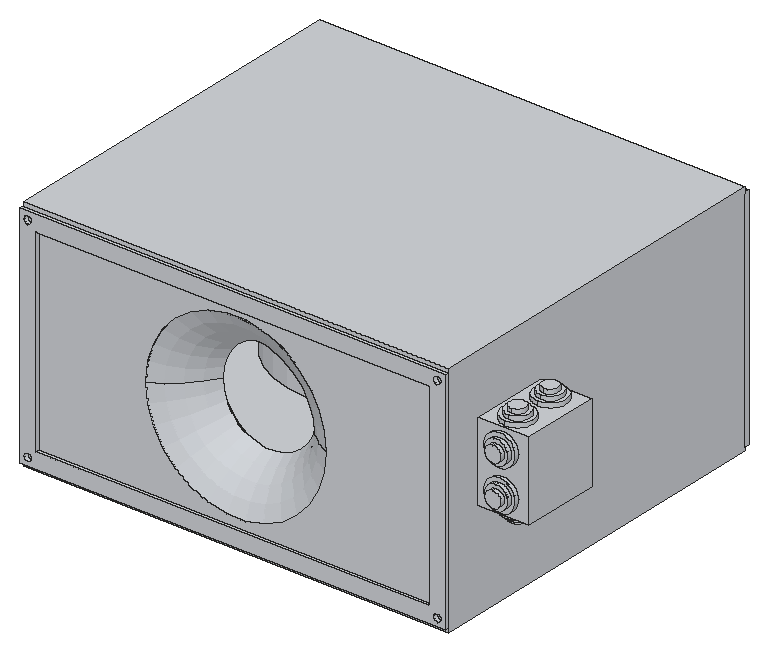
Revit family "ВентКлиматСтрой Вентилятор канальный ВРПП", category Оборудование, Revit 2019
Family settings
  Размер круглого соединителя = Использовать диаметр
  Тип детали = Вставляется
  Номер OmniClass = 23.75.35.17.11
  Заголовок OmniClass = Fans for Air Ductwork
  На основе рабочей плоскости = Нет
  Всегда вертикально = Нет
  При загрузке вырезать с полостями = Нет
  Общий = Нет
  Точка расчета площади = Нет
Parameters (values of type "ВРПП-50x25*")
  Рабочая кривая [instance] = "А"
  RinAng = 45.00°
  Rin1 = Rin - 2 mm  # 98 mm
  Rin = 100 mm  # constant formula
  H = if(size_lookup(Data, "H", 300 mm, A, B) > B2, size_lookup(Data, "H", 300 mm, A, B), B2)  # 300 mm
  D1 = D - if(B < 250 mm, 0 mm, 20 mm)  # 230 mm
  D = B  # 250 mm
  B2 = size_lookup(Data, "B2", 190 mm, A, B)  # 290 mm
  ADSK_Размер_Ширина [instance] = A  # 500 mm
  ADSK_Размер_Длина [instance] = L  # 480 mm
  ADSK_Размер_Глубина [instance] = A  # 500 mm
  ADSK_Размер_Высота [instance] = B  # 250 mm
  A2 = size_lookup(Data, "A2", 340 mm, A, B)  # 540 mm
  A1 = size_lookup(Data, "A1", 320 mm, A, B)  # 520 mm
  УГО_3D [instance] = yes
  УГО_1D_Горизонтально [instance] = yes
  Клеммная коробка = yes
  f = 20 mm  # constant formula
  T = 5 mm  # constant formula
  Description = ""
  Type Comments = ""
  Изготовитель = "ООО \"ЗВО ВентКлиматСтрой\" тел.: +7(495)552-95-33 e-mail: vclimat@bk.ru"  # constant formula
  URL = ""
  Lb = L - 10 mm  # 470 mm
  L1 = (0.25 * L ^ 2 - (B1 - B + 2 * f) ^ 2) ^ 0.5  # 232.379 mm
  L = size_lookup(Data, "L", 480 mm, A, B)  # 480 mm
  B1 = size_lookup(Data, "B1", 170 mm, A, B)  # 270 mm
  B = 250 mm
  Data = "ВРПП"  # constant formula
  Bb [instance] = A + 2 * BT  # 510 mm
  BT = 5 mm  # constant formula
  A = 500 mm
  ADSK_Частота вращения двигателя [instance] = size_lookup(Data, "nf", size_lookup(Data, "nf", 2900, A, B, "А"), A, B, Рабочая кривая)  # 1450
  ADSK_Частота вращения вентилятора [instance] = size_lookup(Data, "nf", size_lookup(Data, "nf", 2900, A, B, "А"), A, B, Рабочая кривая)  # 1450
  ADSK_Ток [instance] = size_lookup(Data, "I", size_lookup(Data, "I", 0, A, B, "А"), A, B, Рабочая кривая) * 1 A  # 0.214495 A
  ADSK_Свободный напор воздуха [instance] = 0.0 Pa
  ADSK_Расход воздуха [instance] = 0 m³/h
  ADSK_Примечание [instance] = ""
  ADSK_Полная мощность [instance] = ADSK_Номинальная мощность / ADSK_Коэффициент мощности  # 184.615 VA
  ADSK_Позиция [instance] = ""
  ADSK_Номинальная мощность [instance] = size_lookup(Data, "Pel", size_lookup(Data, "Pel", 0, A, B, "А"), A, B, Рабочая кривая) * 1000 W  # 120 W
  ADSK_Напряжение [instance] = size_lookup(Data, "U", 220, A, B, Рабочая кривая) * 1 V  # 380 V
  ADSK_Наименование краткое [instance] = size_lookup(Data, "", size_lookup(Data, "", "ВентКлиматСтрой ВРПП: Некорректный типоразмер", A, B, "А"), A, B, Рабочая кривая)  # "ВРПП-50х25А"
  ADSK_Наименование [instance] = size_lookup(Data, "Name", size_lookup(Data, "Name", "ВентКлиматСтрой ВРПП: Некорректный типоразмер", A, B, "А"), A, B, Рабочая кривая)  # "Вентилятор радиальный прямоугольный прямоточный канальный 500x250, с электродвигателем мощностью 0.12 кВт"
  ADSK_Материал тип подсчета = 0  # constant formula
  ADSK_Масса [instance] = size_lookup(Data, "Weight", size_lookup(Data, "Weight", 0, A, B, "А"), A, B, Рабочая кривая)  # 19
  ADSK_Марка [instance] = size_lookup(Data, "", size_lookup(Data, "", "ВентКлиматСтрой ВРПП: Некорректный типоразмер", A, B, "А"), A, B, Рабочая кривая)  # "ВРПП-50х25А"
  ADSK_Коэффициент мощности [instance] = if(or(ADSK_Номинальная мощность < 1000 W, ADSK_Номинальная мощность = 1000 W), 0.65, if(and(ADSK_Номинальная мощность > 1000 W, ADSK_Номинальная мощность < 4000 W), 0.75, if(or(ADSK_Номинальная мощность > 4000 W, ADSK_Номинальная мощность = 4000 W), 0.85, 0)))  # 0.65
  ADSK_Количество фаз числовое [instance] = if(or(ADSK_Напряжение = 220 V, ADSK_Напряжение = 230 V), 1, 3)  # 3
  ADSK_Количество фаз = 3
  ADSK_Количество [instance] = 1  # constant formula
  ADSK_Код изделия [instance] = ""
  ADSK_Классификация нагрузок = Прочее
  ADSK_Завод-изготовитель = "ООО \"ЗВО ВентКлиматСтрой\""  # constant formula
  ADSK_Единица измерения = "шт."  # constant formula
  ADSK_Группирование [instance] = ""
  ADSK_Версия семейства = "rev.1"  # constant formula
  ADSK_Версия Revit = "2019"  # constant formula
Reference planes
  plane 1 "По центру (Вперед/Назад)": y = 0
  plane 2: z = 0
  plane 3 "По центру (Влево/Вправо)": x = 0
  plane 4: z = -125
  plane 5: z = 125
  plane 6: x = -250
  plane 7: x = 250
  plane 8 "Вперед": y = 240
  plane 9 "Назад": y = -240
  plane 10 "Вниз": z = -145
  plane 11 "Вверх": z = 145
  plane 12 "H1": z = 0
  plane 13 "По правому краю": x = 270
  plane 14 "По левому краю": x = -270
  plane 15: z = 62.5
  plane 16: z = -62.5
Forms (mm)
  Extrusion 1, solid, detail levels fine
    sketch origin (250, 266, -25) x (-1, 0, 0) y (0, -1, 0)
      loop
        circle (250, 266) r 125
    from 0 to 150
  Sweep 2, solid, detail levels medium+fine
    path origin (0, 0, 0) x (1, 0, 0) y (0, 1, 0)
      loop
        line (0, -235) -> (0, 235)
    profile "ВРПП_Профиль корпуса : ВРПП_Профиль корпуса" origin (0, 0, 0) x (-1, 0, 0) y (0, 0, 1)
      loop
        line (270, 150) -> (-270, 150) -> (-270, -150) -> (270, -150) -> (270, 150)
      loop
        line (-250, 130) -> (-250, -130) -> (250, -130) -> (250, 130) -> (-250, 130)
  Extrusion 3, solid, detail levels medium+fine
    sketch origin (0, -240, 0) x (0, 0, 1) y (1, 0, 0)
      loop
        line (145, -270) -> (145, 270) -> (-145, 270) -> (-145, -270) -> (145, -270)
      loop
        line (125, -250) -> (125, 250) -> (-125, 250) -> (-125, -250) -> (125, -250)
      loop
        circle (135, 260) r 5
      loop
        circle (135, -260) r 5
      loop
        circle (-135, 260) r 5
      loop
        circle (-135, -260) r 5
    from 0 to 5
  Extrusion 4, solid, detail levels medium+fine
    sketch origin (0, 240, 0) x (0, 0, 1) y (1, 0, 0)
      loop
        line (145, -270) -> (145, 270) -> (-145, 270) -> (-145, -270) -> (145, -270)
      loop
        line (125, -250) -> (125, 250) -> (-125, 250) -> (-125, -250) -> (125, -250)
      loop
        circle (135, 260) r 5
      loop
        circle (135, -260) r 5
      loop
        circle (-135, 260) r 5
      loop
        circle (-135, -260) r 5
    from -5 to 0
  Extrusion 5, solid, detail levels medium+fine
    sketch origin (0, -235, 0) x (1, 0, 0) y (0, 0, 1)
      loop
        line (270, 150) -> (-270, 150) -> (-270, -150) -> (270, -150) -> (270, 150)
      loop
        circle (0, 0) r 115
    from 0 to -5
  Sweep 6, solid, detail levels medium+fine
    path origin (0, -235, 0) x (1, 0, 0) y (0, 0, 1)
      loop
        circle (0, 0) r 115
    profile origin (0, -235, 115) x (0, 0, -1) y (0, -1, 0)
      loop
        line (0, 0) -> (0, -2.167)
        arc (0, -2.167) -> (31.662, -23.606) -> (52.709, -55.53) r 98
        line (52.709, -55.53) -> (54.241, -53.998)
        arc (54.241, -53.998) -> (32.491, -21.604) -> (0, 0) r 100
Cuts and joins
  joined: Sweep 2, Extrusion 5, Sweep 6
Dimensions and locks
  "L": plane 9 "Назад" to plane 8 "Вперед"
  equal spacing: plane 8 "Вперед", plane 1 "По центру (Вперед/Назад)", plane 9 "Назад"
  equal spacing: plane 5, level, plane 4
  "B": plane 5 to plane 4
  "T": plane 8 "Вперед" to Sweep 2 sketch curve
  "T": Sweep 2 sketch curve to plane 9 "Назад"
  equal spacing: Extrusion 3 sketch curve, plane 3 "По центру (Влево/Вправо)", Extrusion 3 sketch curve  (x2)
  equal spacing: Extrusion 3 sketch curve, level, Extrusion 3 sketch curve  (x2)
  "B": Extrusion 3 sketch curve to Extrusion 3 sketch curve
  "A": Extrusion 3 sketch curve to Extrusion 3 sketch curve
  "f": Extrusion 3 sketch curve to Extrusion 3 sketch curve  (x2)
  equal spacing: Extrusion 3 sketch curve, Extrusion 3 sketch curve, Extrusion 3 sketch curve  (x8)
  Extrusion 4 sketch curve to Extrusion 4 sketch curve = 500 mm
  Extrusion 4 sketch curve to Extrusion 4 sketch curve = 250 mm
  "B": Extrusion 4 sketch curve to Extrusion 4 sketch curve
  "A": Extrusion 4 sketch curve to Extrusion 4 sketch curve
  Extrusion 4 sketch curve to Extrusion 4 sketch curve = 540 mm
  Extrusion 4 sketch curve to Extrusion 4 sketch curve = 290 mm
  "f": Extrusion 4 sketch curve to Extrusion 4 sketch curve  (x2)
  equal spacing: Extrusion 4 sketch curve, Extrusion 4 sketch curve, Extrusion 4 sketch curve  (x8)
  plane 8 "Вперед" to plane 1 "По центру (Вперед/Назад)" = 240 mm
  plane 9 "Назад" to plane 1 "По центру (Вперед/Назад)" = 240 mm
  equal spacing: plane 11 "Вверх", level, plane 10 "Вниз"
  "B2": plane 11 "Вверх" to plane 10 "Вниз"
  equal spacing: plane 7, plane 3 "По центру (Влево/Вправо)", plane 6
  "A": plane 7 to plane 6
  equal spacing: plane 14 "По левому краю", plane 3 "По центру (Влево/Вправо)", plane 13 "По правому краю"
  "A2": plane 14 "По левому краю" to plane 13 "По правому краю"
  locked: plane 9 "Назад" to nested 2 at 100
  locked: plane 5 to nested 2 at 100
  equal spacing: plane 5, plane 15, level
  equal spacing: level, plane 16, plane 4
  profile plane to Sweep 6 sketch curve = 92.474 mm
  "B": diameter of Extrusion 1 sketch curve
  "D1": diameter of Extrusion 5 sketch curve
  "Rin": radius of Sweep 6 sketch curve
  "Rin1": radius of Sweep 6 sketch curve
  "D1": diameter of Sweep 6 sketch curve
  "RinAng": angle Sweep 6 sketch curve to Sweep 6 sketch curve  (x2)
  aligned and locked: level to plane 2
  aligned and locked: plane 3 "По центру (Влево/Вправо)" to nested 1
  aligned and locked: nested 1 to plane 1 "По центру (Вперед/Назад)"
  aligned and locked: plane 3 "По центру (Влево/Вправо)" to Sweep 2 sketch curve
  aligned and locked: plane 3 "По центру (Влево/Вправо)" to Extrusion 1 sketch curve
  aligned and locked: plane 1 "По центру (Вперед/Назад)" to Extrusion 1 sketch curve
  aligned and locked: plane 5 to Extrusion 1
  aligned and locked: Extrusion 5 sketch curve to Sweep 2  (x4)
  aligned and locked: plane 3 "По центру (Влево/Вправо)" to Extrusion 5 sketch curve
  aligned and locked: level to Extrusion 5 sketch curve
  aligned and locked: plane 3 "По центру (Влево/Вправо)" to Sweep 6 sketch curve
  aligned and locked: level to Sweep 6 sketch curve
  aligned and locked: Sweep 6 sketch curve to profile plane
Automatic sketch dimensions
  Extrusion 4 sketch curve to plane 10 "Вниз" = 0 mm
  Extrusion 4 sketch curve to plane 11 "Вверх" = 0 mm
  plane 14 "По левому краю" to Extrusion 4 sketch curve = 0 mm
  Extrusion 4 sketch curve to plane 6 = 0 mm
  Sweep 6 sketch curve to Sweep 6 sketch curve = 0 mm  (x2)
  Sweep 6 sketch curve to profile plane = 0 mm
  radius of Extrusion 3 sketch curve = 5 mm  (x4)
  radius of Extrusion 4 sketch curve = 5 mm  (x4)
Nested families
  nested 1: "УГО_Вентилятор 3D" at (0, 0, 0) x (0, 1, 0) z (0, 0, 1), Длина <- "Lb", Ширина <- "A2", Высота <- "H", УГО_3D <- "УГО_3D", УГО_1D_Горизонтально <- "УГО_1D_Горизонтально", type "УГО_Вентилятор 3D"
    with Ширина 540 mm, УГО_3D yes, УГО_1D_Горизонтально yes, УГО_1D_Вертикально no, Тип none, Длина 470 mm, Высота 300 mm
  nested 2: "Клеммная коробка" at (270, -140, 25) x (0, 0, -1) z (1, 0, 0), visible <- "Клеммная коробка", type "Клеммная коробка", detail levels fine
Connectors
  hvac at (0, -240, 0), driven by "ADSK_Расход воздуха", driven by "B", driven by "A"
    settings: on Extrusion 3, index 1, duct flow 0 m³/h, flow factor 0, pres drop 0.0 Pa, loss coef 0, conn angle 0.00°, conn width 500 mm, conn height 250 mm, conn diameter 609.6 mm, duct sys type 29, conn prof type 1, flow config 0, flow direction 0, loss method 0, conn ref index 2, conn util no, is conn primary yes, conn desc "Входной патрубок"
  hvac at (0, 240, 0), driven by "B", driven by "A", driven by "ADSK_Расход воздуха"
    settings: on Extrusion 4, index 2, duct flow 0 m³/h, flow factor 0, pres drop 0.0 Pa, loss coef 0, conn angle 0.00°, conn width 500 mm, conn height 250 mm, conn diameter 609.6 mm, duct sys type 29, conn prof type 1, flow config 0, flow direction 0, loss method 4, conn ref index 1, conn util no, is conn primary no, conn desc "Выходной патрубок"
  electrical at (335, -140, 25), driven by "ADSK_Количество фаз", driven by "ADSK_Классификация нагрузок", driven by "ADSK_Напряжение", driven by "ADSK_Коэффициент мощности", driven by "ADSK_Полная мощность"
    settings: on nested 2, index 3, voltage 380 V, apparent load 0 VA, apparent load phase1 184.615 VA, apparent load phase2 0 VA, apparent load phase3 0 VA, power factor 0.65, load classification "Прочее", number of poles 3, system type 31, power factor state 0, is connector primary yes, connector utility no, sub classification motor no, connector description "Подключение электричества"
Definition of nested family "Клеммная коробка"
  Parameters (values of type "Клеммная коробка")
    Default Elevation = 1219.2 mm
  Reference planes
    plane 1 "По центру (Вперед/Назад)": y = 0
    plane 2: z = 0
    plane 3 "По центру (Влево/Вправо)": x = 0
  Forms (mm)
    Extrusion 1, solid
      sketch origin (-0.8, -309.2, 0) x (1, 0, 0) y (0, 1, 0)
        loop
          line (-489.2, 689.2) -> (-489.2, -180.628) -> (498.724, -180.628) -> (498.724, 689.2) -> (-489.2, 689.2)
      from 0 to -200
    Extrusion 2, solid
      sketch origin (0, 0, 0) x (1, 0, 0) y (0, 1, 0)
        loop
          line (-50, 50) -> (-50, -50) -> (50, -50) -> (50, 50) -> (-50, 50)
      from 0 to 65
    Extrusion 3, solid
      sketch origin (65, -50, 0) x (-1, 0, 0) y (0, 0, -1)
        loop
          circle (90.794, -32.084) r 20
        loop
          circle (39.206, -32.084) r 20
      from 0 to 5
    Extrusion 4, solid
      sketch origin (65, -55, 0) x (-1, 0, 0) y (0, 0, -1)
        loop
          circle (90.794, -32.084) r 15
        loop
          circle (39.206, -32.084) r 15
      from 0 to 5
    Extrusion 5, solid
      sketch origin (65, -60, 0) x (-1, 0, 0) y (0, 0, -1)
        loop
          circle (90.794, -32.084) r 10
        loop
          circle (39.206, -32.084) r 10
      from 0 to 5
    Extrusion 6, solid
      sketch origin (65, 50, 0) x (-1, 0, 0) y (0, 0, 1)
        loop
          circle (90.794, 32.084) r 20
        loop
          circle (39.206, 32.084) r 20
      from 0 to 5
    Extrusion 7, solid
      sketch origin (65, 55, 0) x (-1, 0, 0) y (0, 0, 1)
        loop
          circle (90.794, 32.084) r 15
        loop
          circle (39.206, 32.084) r 15
      from 0 to 5
    Extrusion 8, solid
      sketch origin (65, 60, 0) x (-1, 0, 0) y (0, 0, 1)
        loop
          circle (90.794, 32.084) r 10
        loop
          circle (39.206, 32.084) r 10
      from 0 to 5
    Extrusion 9, solid
      sketch origin (50, 65, 0) x (0, -1, 0) y (0, 0, -1)
        loop
          circle (90.794, -32.084) r 20
        loop
          circle (39.206, -32.084) r 20
      from 0 to 5
    Extrusion 10, solid
      sketch origin (55, 65, 0) x (0, -1, 0) y (0, 0, -1)
        loop
          circle (90.794, -32.084) r 15
        loop
          circle (39.206, -32.084) r 15
      from 0 to 5
    Extrusion 11, solid
      sketch origin (60, 65, 0) x (0, -1, 0) y (0, 0, -1)
        loop
          circle (90.794, -32.084) r 10
        loop
          circle (39.206, -32.084) r 10
      from 0 to 5
    Extrusion 12, solid
      sketch origin (-50, 65, 0) x (0, -1, 0) y (0, 0, 1)
        loop
          circle (90.794, 32.084) r 20
        loop
          circle (39.206, 32.084) r 20
      from 0 to 5
    Extrusion 13, solid
      sketch origin (-55, 65, 0) x (0, -1, 0) y (0, 0, 1)
        loop
          circle (90.794, 32.084) r 15
        loop
          circle (39.206, 32.084) r 15
      from 0 to 5
    Extrusion 14, solid
      sketch origin (-60, 65, 0) x (0, -1, 0) y (0, 0, 1)
        loop
          circle (90.794, 32.084) r 10
        loop
          circle (39.206, 32.084) r 10
      from 0 to 5
  Lines and regions (mm)
    reference lines
      curve 1: line (0, -100, 0) -> (0, 100, 0)
      curve 2: line (-100, 0, 0) -> (100, 0, 0)
  Dimensions and locks
    aligned and locked: plane 2 to Extrusion 1
    aligned and locked: level to Extrusion 1
    aligned and locked: plane 3 "По центру (Влево/Вправо)" to curve 1
    aligned and locked: plane 1 "По центру (Вперед/Назад)" to curve 2
Definition of nested family "УГО_Вентилятор 3D"
  Parameters (values of type "УГО_Вентилятор 3D")
    Увлажнитель форсуночный = УГО_Вент_Универсальный_Элемент : Увлажнитель форсуночный
    Увлажнитель роторный = УГО_Вент_Универсальный_Элемент : Увлажнитель роторный
    Увлажнитель дисковый = УГО_Вент_Универсальный_Элемент : Увлажнитель дисковый
    Шумоглушитель = УГО_Вент_Универсальный_Элемент : Шумоглушитель
    Ширина [instance] = 400 mm
    Фильтр тонкой очистки F5..F9 = УГО_Вент_Универсальный_Элемент : Фильтр тонкой очистки F5..F9
    Фильтр грубой очистки G1..G4 = УГО_Вент_Универсальный_Элемент : Фильтр грубой очистки G1..G4
    Фильтр высокой эффективности (HEPA) H10..H14 = УГО_Вент_Универсальный_Элемент : Фильтр высокой эффективности (HEPA) H10..H14
    УГО_3D [instance] = yes
    УГО_1D_Горизонтально [instance] = yes
    УГО_1D_Вертикально [instance] = not(УГО_1D_Горизонтально)  # no
    Тип [instance] = УГО_Вент_Универсальный_Элемент : Теплоутилизатор пластинчатый перекрёстноточный
    Теплоутилизатор пластинчатый перекрёстноточный = УГО_Вент_Универсальный_Элемент : Теплоутилизатор пластинчатый перекрёстноточный
    Теплоутилизатор вращающийся = УГО_Вент_Универсальный_Элемент : Теплоутилизатор вращающийся
    Пустая секция = УГО_Вент_Универсальный_Элемент : Пустая секция
    Default Elevation = 0 mm
    Клапан огнезадерживающий = УГО_Вент_Универсальный_Элемент : Клапан огнезадерживающий
    Клапан обратный = УГО_Вент_Универсальный_Элемент : Клапан обратный
    Клапан дымоудаления = УГО_Вент_Универсальный_Элемент : Клапан дымоудаления
    Клапан воздушный многостворчатый = УГО_Вент_Универсальный_Элемент : Клапан воздушный многостворчатый
    Каплеуловитель = УГО_Вент_Универсальный_Элемент : Каплеуловитель
    Дроссель-клапан = УГО_Вент_Универсальный_Элемент : Дроссель-клапан
    Длина [instance] = 500 mm
    Высота [instance] = 200 mm
    Вставка гибкая = УГО_Вент_Универсальный_Элемент : Вставка гибкая
    Воздухоохладитель фреоновый = УГО_Вент_Универсальный_Элемент : Воздухоохладитель фреоновый
    Воздухоохладитель жидкостный = УГО_Вент_Универсальный_Элемент : Воздухоохладитель жидкостный
    Воздухоохладитель = УГО_Вент_Универсальный_Элемент : Воздухоохладитель
    Воздухонагреватель электрический = УГО_Вент_Универсальный_Элемент : Воздухонагреватель электрический
    Воздухонагреватель жидкостный = УГО_Вент_Универсальный_Элемент : Воздухонагреватель жидкостный
    Воздухонагреватель газовый = УГО_Вент_Универсальный_Элемент : Воздухонагреватель газовый
    Воздухонагреватель = УГО_Вент_Универсальный_Элемент : Воздухонагреватель
    Вентилятор осевой = УГО_Вент_Универсальный_Элемент : Вентилятор осевой
    Вентилятор (вид 2)_ = УГО_Вент_Универсальный_Элемент : Вентилятор (вид 2)
    Вентилятор (вид 1) = УГО_Вент_Универсальный_Элемент : Вентилятор (вид 1)
  Reference planes
    plane 1 "По центру (Вперед/Назад)": y = 0
    plane 2: z = 0
    plane 3 "По центру (Влево/Вправо)": x = 0
    plane 4 "перед": x = 250
    plane 5 "назад": x = -250
    plane 6 "лева": y = 200
    plane 7 "право": y = -200
    plane 8 "верх": z = 100
    plane 9 "низ": z = -100
  Dimensions and locks
    equal spacing: plane 5 "назад", plane 3 "По центру (Влево/Вправо)", plane 4 "перед"
    "Длина": plane 5 "назад" to plane 4 "перед"
    equal spacing: plane 7 "право", plane 1 "По центру (Вперед/Назад)", plane 6 "лева"
    "Ширина": plane 7 "право" to plane 6 "лева"
    "Высота": plane 8 "верх" to plane 9 "низ"
    equal spacing: plane 8 "верх", level, plane 9 "низ"
    aligned and locked: level to plane 2
    aligned and locked: nested 1 to plane 1 "По центру (Вперед/Назад)"
    aligned and locked: plane 3 "По центру (Влево/Вправо)" to nested 1
    aligned and locked: nested 6 to level
  Nested families
    nested 1: "УГО_Вент_Универсальный_Элемент" at (0, 0, 100), Ширина <- "Ширина", Длина <- "Длина", type <- "Тип", visible <- "УГО_3D", type "Теплоутилизатор пластинчатый перекрёстноточный", detail levels medium+fine
      with Ширина 400 mm, Длина 500 mm, Диаметр трубок 25 mm, s3 431.333 mm, s2 94 mm, s1 66.667 mm, r1 100 mm, l2 160 mm, l1 160 mm, d 40 mm, Wf1 28.571 mm, Wf 57.143 mm, W 400 mm, St2 20 mm, St1 100 mm, Sel2 84 mm, Sel1 20 mm, SW 100 mm, SL 100 mm, Re 66.667 mm, O4 50 mm, O3 100 mm, O2 70 mm, O1 70 mm, Ls3 84 mm, Ls2 112 mm, Ls1 140 mm, Ls 173.205 mm, Lf1 28.571 mm, Lf 300 mm, Ld1 100 mm, Ld 395.98 mm, L 500 mm, K 0.4, Ds1 120 mm, Ds 160 mm, De 133.333 mm, D2 40 mm, D1 400 mm, D 200 mm, 0.25W 100 mm, 0.125W 50 mm
    nested 2: "УГО_Вент_Универсальный_Элемент" at (0, 0, -100), Ширина <- "Ширина", Длина <- "Длина", type <- "Тип", visible <- "УГО_3D", type "Теплоутилизатор пластинчатый перекрёстноточный", detail levels medium+fine
      with Ширина 400 mm, Длина 500 mm, Диаметр трубок 25 mm, s3 431.333 mm, s2 94 mm, s1 66.667 mm, r1 100 mm, l2 160 mm, l1 160 mm, d 40 mm, Wf1 28.571 mm, Wf 57.143 mm, W 400 mm, St2 20 mm, St1 100 mm, Sel2 84 mm, Sel1 20 mm, SW 100 mm, SL 100 mm, Re 66.667 mm, O4 50 mm, O3 100 mm, O2 70 mm, O1 70 mm, Ls3 84 mm, Ls2 112 mm, Ls1 140 mm, Ls 173.205 mm, Lf1 28.571 mm, Lf 300 mm, Ld1 100 mm, Ld 395.98 mm, L 500 mm, K 0.4, Ds1 120 mm, Ds 160 mm, De 133.333 mm, D2 40 mm, D1 400 mm, D 200 mm, 0.25W 100 mm, 0.125W 50 mm
    nested 3: "УГО_Вент_Универсальный_Элемент" at (0, 200, 0) x (1, 0, 0) z (0, -1, 0), Ширина <- "Высота", Длина <- "Длина", type <- "Тип", visible <- "УГО_3D", type "Теплоутилизатор пластинчатый перекрёстноточный", detail levels medium+fine
      with Ширина 200 mm, Длина 500 mm, Диаметр трубок 10 mm, s3 464.667 mm, s2 40 mm, s1 33.333 mm, r1 50 mm, l2 80 mm, l1 80 mm, d 15 mm, Wf1 14.286 mm, Wf 28.571 mm, W 200 mm, St2 10 mm, St1 50 mm, Sel2 42 mm, Sel1 12 mm, SW 50 mm, SL 120 mm, Re 33.333 mm, O4 25 mm, O3 50 mm, O2 125 mm, O1 35 mm, Ls3 42 mm, Ls2 56 mm, Ls1 70 mm, Ls 86.603 mm, Lf1 14.286 mm, Lf 300 mm, Ld1 50 mm, Ld 424.264 mm, L 500 mm, K 0.4, Ds1 60 mm, Ds 80 mm, De 66.667 mm, D2 20 mm, D1 200 mm, D 100 mm, 0.25W 50 mm, 0.125W 25 mm
    nested 4: "УГО_Вент_Универсальный_Элемент" at (0, -200, 0) x (1, 0, 0) z (0, -1, 0), Ширина <- "Высота", Длина <- "Длина", type <- "Тип", visible <- "УГО_3D", type "Теплоутилизатор пластинчатый перекрёстноточный", detail levels medium+fine
      with Ширина 200 mm, Длина 500 mm, Диаметр трубок 10 mm, s3 464.667 mm, s2 40 mm, s1 33.333 mm, r1 50 mm, l2 80 mm, l1 80 mm, d 15 mm, Wf1 14.286 mm, Wf 28.571 mm, W 200 mm, St2 10 mm, St1 50 mm, Sel2 42 mm, Sel1 12 mm, SW 50 mm, SL 120 mm, Re 33.333 mm, O4 25 mm, O3 50 mm, O2 125 mm, O1 35 mm, Ls3 42 mm, Ls2 56 mm, Ls1 70 mm, Ls 86.603 mm, Lf1 14.286 mm, Lf 300 mm, Ld1 50 mm, Ld 424.264 mm, L 500 mm, K 0.4, Ds1 60 mm, Ds 80 mm, De 66.667 mm, D2 20 mm, D1 200 mm, D 100 mm, 0.25W 50 mm, 0.125W 25 mm
    nested 5: "УГО_Вент_Универсальный_Элемент" at (0, 0, 0), Длина <- "Длина", Ширина <- "Ширина", type <- "Тип", visible <- "УГО_1D_Горизонтально", type "Теплоутилизатор пластинчатый перекрёстноточный", detail levels coarse
      with Ширина 400 mm, Длина 500 mm, Диаметр трубок 25 mm, s3 431.333 mm, s2 94 mm, s1 66.667 mm, r1 100 mm, l2 160 mm, l1 160 mm, d 40 mm, Wf1 28.571 mm, Wf 57.143 mm, W 400 mm, St2 20 mm, St1 100 mm, Sel2 84 mm, Sel1 20 mm, SW 100 mm, SL 100 mm, Re 66.667 mm, O4 50 mm, O3 100 mm, O2 70 mm, O1 70 mm, Ls3 84 mm, Ls2 112 mm, Ls1 140 mm, Ls 173.205 mm, Lf1 28.571 mm, Lf 300 mm, Ld1 100 mm, Ld 395.98 mm, L 500 mm, K 0.4, Ds1 120 mm, Ds 160 mm, De 133.333 mm, D2 40 mm, D1 400 mm, D 200 mm, 0.25W 100 mm, 0.125W 50 mm
    nested 6: "УГО_Вент_Универсальный_Элемент" at (0, 0, 0) x (1, 0, 0) z (0, -1, 0), Ширина <- "Высота", Длина <- "Длина", type <- "Тип", visible <- "УГО_1D_Вертикально", type "Теплоутилизатор пластинчатый перекрёстноточный", detail levels coarse
      with Ширина 200 mm, Длина 500 mm, Диаметр трубок 10 mm, s3 464.667 mm, s2 40 mm, s1 33.333 mm, r1 50 mm, l2 80 mm, l1 80 mm, d 15 mm, Wf1 14.286 mm, Wf 28.571 mm, W 200 mm, St2 10 mm, St1 50 mm, Sel2 42 mm, Sel1 12 mm, SW 50 mm, SL 120 mm, Re 33.333 mm, O4 25 mm, O3 50 mm, O2 125 mm, O1 35 mm, Ls3 42 mm, Ls2 56 mm, Ls1 70 mm, Ls 86.603 mm, Lf1 14.286 mm, Lf 300 mm, Ld1 50 mm, Ld 424.264 mm, L 500 mm, K 0.4, Ds1 60 mm, Ds 80 mm, De 66.667 mm, D2 20 mm, D1 200 mm, D 100 mm, 0.25W 50 mm, 0.125W 25 mm
  Definition of nested family "УГО_Вент_Универсальный_Элемент"
    Parameters (values of type "Вентилятор (вид 1)")
      Шумоглушитель = no
      Ширина [instance] = 200 mm
      Фильтр тонкой очистки F5..F9 = no
      Фильтр грубой очистки G1..G4 = no
      Фильтр высокой эффективности (HEPA) H10..H14 = no
      Увлажнитель форсуночный = no
      Увлажнитель роторный = no
      Увлажнитель дисковый = no
      Теплоутилизатор пластинчатый перекрёстноточный = no
      Теплоутилизатор вращающийся = no
      Символ окружность 2 (НЖ, ОЖ, ОФ) = or(Воздухонагреватель жидкостный, Воздухоохладитель жидкостный, Воздухоохладитель фреоновый)  # no
      Символ окружность 1 = or([Вентилятор (вид 1)], [Вентилятор (вид 2)], Воздухонагреватель, Воздухонагреватель жидкостный, Воздухонагреватель электрический, Воздухонагреватель газовый, Воздухоохладитель, Воздухоохладитель жидкостный, Воздухоохладитель фреоновый)  # yes
      Символ линия 3 (Н, НЖ, НГ, НЭ, ОЖ, ОФ) = or(Воздухонагреватель, Воздухонагреватель жидкостный, Воздухонагреватель электрический, Воздухонагреватель газовый, Воздухоохладитель, Воздухоохладитель жидкостный, Воздухоохладитель фреоновый)  # no
      Символ линия 2 (Н, НЖ, НГ, НЭ) = or(Воздухонагреватель, Воздухонагреватель жидкостный, Воздухонагреватель электрический, Воздухонагреватель газовый)  # no
      Символ линия 1 (Ш, НГ) = or(Шумоглушитель, Воздухонагреватель газовый)  # no
      Пустая секция = no
      Клапан воздушный многостворчатый = no
      s3 [instance] = Длина - s1 - 2 mm  # 164.667 mm
      l2 [instance] = if(Ширина > Длина, 0.4 * Ширина, l1)  # 80 mm
      l1 [instance] = if(Ширина / Длина > 1.5, 0.6, 0.4) * if(or(Длина = Ширина, Длина < Ширина), Длина, Ширина)  # 80 mm
      d [instance] = if(Ширина < 151 mm, 10 mm, if(Ширина < 201 mm, 15 mm, 40 mm))  # 15 mm
      Wf1 [instance] = Ширина / 14  # 14.286 mm
      Wf [instance] = Ширина / 7  # 28.571 mm
      W [instance] = if(Ширина > 99 mm, Ширина, 100 mm)  # 200 mm
      SW [instance] = if(or(Длина = Ширина, Длина > Ширина), 0.25 * Ширина, if(Длина / Ширина < 0.66, (1 - Длина / Ширина) * Длина, 0.25 * Ширина))  # 50 mm
      Re [instance] = Ширина / 6  # 33.333 mm
      O3 [instance] = (Ширина - D) / 2  # 40 mm
      O2 [instance] = if(Длина < Ширина, 0.175 * Длина, if(Длина < 2 * Ширина, 0.175 * Ширина, 0.25 * Длина))  # 35 mm
      O1 [instance] = if(Длина < Ширина, 0.175 * Длина, 0.175 * Ширина)  # 35 mm
      Default Elevation = 0 mm
      Контур = yes
      Клапан огнезадерживающий = no
      Клапан обратный = no
      Клапан дымоудаления = no
      Каплеуловитель = no
      Дроссель-клапан = no
      Длина [instance] = 200 mm
      Диаметр трубок [instance] = if(Ширина < 201 mm, 10 mm, if(Ширина < 301 mm, 15 mm, if(Ширина < 601 mm, 25 mm, if(Ширина < 801 mm, 30 mm, 40 mm))))  # 10 mm
      Воздухоохладитель = no
      s2 [instance] = if(D < 51 mm, 0.35 * D, if(D < 101 mm, 0.4 * D, if(D < 200 mm, 0.45 * D, if(D < 301 mm, 0.47 * D, 0.48 * D))))  # 54 mm
      s1 [instance] = if(Ширина > 2 * Длина, 0.5 * Длина, De / 2)  # 33.333 mm
      r1 [instance] = D / 2  # 60 mm
      St2 [instance] = 0.05 * Ширина  # 10 mm
      St1 [instance] = if(or(Длина < Ширина, Длина = Ширина), 0.2 * Длина, 0.25 * Ширина)  # 40 mm
      O4 [instance] = (Ширина - D) / 4  # 20 mm
      Sel2 [instance] = 0.6 * Ls1  # 50.4 mm
      Sel1 [instance] = if(Ширина < 201 mm, 12 mm, if(Ширина < 401 mm, 20 mm, if(Ширина < 601 mm, 25 mm, if(Ширина < 801 mm, 30 mm, 40 mm))))  # 12 mm
      Ls3 [instance] = 0.7 * Ds1  # 42 mm
      Ls2 [instance] = 0.7 * Ds  # 42 mm
      Lf1 [instance] = if(Wf1 < 0.1 * Длина, Wf1, 0.1 * Длина)  # 14.286 mm
      Lf [instance] = 0.6 * Длина  # 120 mm
      Ld1 [instance] = if(Длина / Ширина > 0.25, Ширина / 4, 0.8 * Длина / sin(45.00°))  # 50 mm
      SL [instance] = if(Длина = Ширина, 0.25 * Ширина, if(Длина > Ширина, if(Ширина / Длина < 0.66, (1 - Ширина / Длина) * Ширина, 0.25 * Ширина), 0.25 * Длина))  # 50 mm
      L [instance] = if(Длина > 99 mm, Длина, 100 mm)  # 200 mm
      K [instance] = if(Длина = Ширина, 0.3, (if(if(Длина > Ширина, Ширина, Длина) / if(Длина > Ширина, Длина, Ширина) > 0.65, 0.4, 0.4)))  # 0.3
      Ds1 [instance] = if(or(Длина = Ширина, Длина > Ширина), 0.3 * Ширина, 0.3 * Длина)  # 60 mm
      Ds [instance] = if(or(Длина = Ширина, Длина > Ширина), K * Ширина, K * Длина)  # 60 mm
      De [instance] = Ширина / 3  # 66.667 mm
      Ls1 [instance] = 0.7 * D  # 84 mm
      Ls [instance] = D * cos(30.00°)  # 103.923 mm
      Ld [instance] = if(Длина / Ширина > 1.49, 0.6 * Длина / sin(45.00°), if(Ширина / Длина > 1.49, 0.6 * Ширина / sin(45.00°), 0.7 * Ширина / sin(45.00°)))  # 197.99 mm
      D2 [instance] = if(0.1 * D1 < 20 mm, 20 mm, 0.1 * D1)  # 20 mm
      D1 [instance] = if(or(Длина = Ширина, Длина < Ширина), Длина, Ширина)  # 200 mm
      D [instance] = if(Ширина > Длина, if(or([Вентилятор (вид 1)], [Вентилятор (вид 2)], Вентилятор осевой), 0.6, 0.5) * Длина, if(or([Вентилятор (вид 1)], [Вентилятор (вид 2)], Вентилятор осевой), 0.6, 0.5) * Ширина)  # 120 mm
      Вставка гибкая = no
      Воздухоохладитель фреоновый = no
      Воздухоохладитель жидкостный = no
      Воздухонагреватель электрический = no
      Воздухонагреватель жидкостный = no
      Воздухонагреватель газовый = no
      Воздухонагреватель = no
      Вентилятор осевой = no
      Вентилятор (вид 2) = no
      Вентилятор (вид 1) = yes
      0.25W [instance] = 0.25 * W  # 50 mm
      0.125W [instance] = 0.125 * W  # 25 mm
    Types (28, lengths in mm): name | Шумоглушитель | Фильтр тонкой очистки F5..F9 | Фильтр грубой очистки G1..G4 | Фильтр высокой эффективности (HEPA) H10..H14 | Увлажнитель форсуночный | Увлажнитель роторный | Увлажнитель дисковый | Теплоутилизатор пластинчатый перекрёстноточный | Теплоутилизатор вращающийся | Символ окружность 2 (НЖ, ОЖ, ОФ) | Символ окружность 1 | Символ линия 3 (Н, НЖ, НГ, НЭ, ОЖ, ОФ) | Символ линия 2 (Н, НЖ, НГ, НЭ) | Символ линия 1 (Ш, НГ) | Пустая секция | Клапан воздушный многостворчатый | s3 | O3 | O2 | Клапан огнезадерживающий | Клапан обратный | Клапан дымоудаления | Каплеуловитель | Дроссель-клапан | Длина | Воздухоохладитель | s2 | r1 | St1 | O4 | Sel2 | Ls2 | Lf | SL | L | K | Ds | Ls1 | Ls | Ld | D | Вставка гибкая | Воздухоохладитель фреоновый | Воздухоохладитель жидкостный | Воздухонагреватель электрический | Воздухонагреватель жидкостный | Воздухонагреватель газовый | Воздухонагреватель | Вентилятор осевой | Вентилятор (вид 2) | Вентилятор (вид 1)
      (no name) | no | no | no | no | no | no | no | no | no | no | yes | no | no | no | no | no | 164.667 | 40 | 35 | no | no | no | no | no | 200 | no | 54 | 60 | 40 | 20 | 50.4 | 42 | 120 | 50 | 200 | 0.3 | 60 | 84 | 103.923 | 197.99 | 120 | no | no | no | no | no | no | no | no | no | yes
      Вентилятор (вид 1) | no | no | no | no | no | no | no | no | no | no | yes | no | no | no | no | no | 164.667 | 40 | 35 | no | no | no | no | no | 200 | no | 54 | 60 | 40 | 20 | 50.4 | 42 | 120 | 50 | 200 | 0.3 | 60 | 84 | 103.923 | 197.99 | 120 | no | no | no | no | no | no | no | no | no | yes
      Вентилятор (вид 2) | no | no | no | no | no | no | no | no | no | no | yes | no | no | no | no | no | 164.667 | 40 | 35 | no | no | no | no | no | 200 | no | 54 | 60 | 40 | 20 | 50.4 | 42 | 120 | 50 | 200 | 0.3 | 60 | 84 | 103.923 | 197.99 | 120 | no | no | no | no | no | no | no | no | yes | no
      Вентилятор осевой | no | no | no | no | no | no | no | no | no | no | no | no | no | no | no | no | 164.667 | 40 | 35 | no | no | no | no | no | 200 | no | 54 | 60 | 40 | 20 | 50.4 | 42 | 120 | 50 | 200 | 0.3 | 60 | 84 | 103.923 | 197.99 | 120 | no | no | no | no | no | no | no | yes | no | no
      Воздухонагреватель | no | no | no | no | no | no | no | no | no | no | yes | yes | yes | no | no | no | 164.667 | 50 | 35 | no | no | no | no | no | 200 | no | 40 | 50 | 40 | 25 | 42 | 42 | 120 | 50 | 200 | 0.3 | 60 | 70 | 86.603 | 197.99 | 100 | no | no | no | no | no | no | yes | no | no | no
      Воздухонагреватель жидкостный | no | no | no | no | no | no | no | no | no | yes | yes | yes | yes | no | no | no | 164.667 | 50 | 35 | no | no | no | no | no | 200 | no | 40 | 50 | 40 | 25 | 42 | 42 | 120 | 50 | 200 | 0.3 | 60 | 70 | 86.603 | 197.99 | 100 | no | no | no | no | yes | no | no | no | no | no
      Воздухонагреватель электрический | no | no | no | no | no | no | no | no | no | no | yes | yes | yes | no | no | no | 164.667 | 50 | 35 | no | no | no | no | no | 200 | no | 40 | 50 | 40 | 25 | 42 | 42 | 120 | 50 | 200 | 0.3 | 60 | 70 | 86.603 | 197.99 | 100 | no | no | no | yes | no | no | no | no | no | no
      Воздухонагреватель газовый | no | no | no | no | no | no | no | no | no | no | yes | yes | yes | yes | no | no | 164.667 | 50 | 35 | no | no | no | no | no | 200 | no | 40 | 50 | 40 | 25 | 42 | 42 | 120 | 50 | 200 | 0.3 | 60 | 70 | 86.603 | 197.99 | 100 | no | no | no | no | no | yes | no | no | no | no
      Воздухоохладитель | no | no | no | no | no | no | no | no | no | no | yes | yes | no | no | no | no | 164.667 | 50 | 35 | no | no | no | no | no | 200 | yes | 40 | 50 | 40 | 25 | 42 | 42 | 120 | 50 | 200 | 0.3 | 60 | 70 | 86.603 | 197.99 | 100 | no | no | no | no | no | no | no | no | no | no
      Воздухоохладитель жидкостный | no | no | no | no | no | no | no | no | no | yes | yes | yes | no | no | no | no | 164.667 | 50 | 35 | no | no | no | no | no | 200 | no | 40 | 50 | 40 | 25 | 42 | 42 | 120 | 50 | 200 | 0.3 | 60 | 70 | 86.603 | 197.99 | 100 | no | no | yes | no | no | no | no | no | no | no
      Воздухоохладитель фреоновый | no | no | no | no | no | no | no | no | no | yes | yes | yes | no | no | no | no | 164.667 | 50 | 35 | no | no | no | no | no | 200 | no | 40 | 50 | 40 | 25 | 42 | 42 | 120 | 50 | 200 | 0.3 | 60 | 70 | 86.603 | 197.99 | 100 | no | yes | no | no | no | no | no | no | no | no
      Вставка гибкая | no | no | no | no | no | no | no | no | no | no | no | no | no | no | no | no | 164.667 | 50 | 35 | no | no | no | no | no | 200 | no | 40 | 50 | 40 | 25 | 42 | 42 | 120 | 50 | 200 | 0.3 | 60 | 70 | 86.603 | 197.99 | 100 | yes | no | no | no | no | no | no | no | no | no
      Дроссель-клапан | no | no | no | no | no | no | no | no | no | no | no | no | no | no | no | no | 164.667 | 50 | 35 | no | no | no | no | yes | 200 | no | 40 | 50 | 40 | 25 | 42 | 42 | 120 | 50 | 200 | 0.3 | 60 | 70 | 86.603 | 197.99 | 100 | no | no | no | no | no | no | no | no | no | no
      Каплеуловитель | no | no | no | no | no | no | no | no | no | no | no | no | no | no | no | no | 164.667 | 50 | 35 | no | no | no | yes | no | 200 | no | 40 | 50 | 40 | 25 | 42 | 42 | 120 | 50 | 200 | 0.3 | 60 | 70 | 86.603 | 197.99 | 100 | no | no | no | no | no | no | no | no | no | no
      Клапан дымоудаления | no | no | no | no | no | no | no | no | no | no | no | no | no | no | no | no | 164.667 | 50 | 35 | no | no | yes | no | no | 200 | no | 40 | 50 | 40 | 25 | 42 | 42 | 120 | 50 | 200 | 0.3 | 60 | 70 | 86.603 | 197.99 | 100 | no | no | no | no | no | no | no | no | no | no
      Клапан обратный | no | no | no | no | no | no | no | no | no | no | no | no | no | no | no | no | 164.667 | 50 | 35 | no | yes | no | no | no | 200 | no | 40 | 50 | 40 | 25 | 42 | 42 | 120 | 50 | 200 | 0.3 | 60 | 70 | 86.603 | 197.99 | 100 | no | no | no | no | no | no | no | no | no | no
      Клапан огнезадерживающий | no | no | no | no | no | no | no | no | no | no | no | no | no | no | no | no | 164.667 | 50 | 35 | yes | no | no | no | no | 200 | no | 40 | 50 | 40 | 25 | 42 | 42 | 120 | 50 | 200 | 0.3 | 60 | 70 | 86.603 | 197.99 | 100 | no | no | no | no | no | no | no | no | no | no
      Фильтр грубой очистки G1..G4 | no | no | yes | no | no | no | no | no | no | no | no | no | no | no | no | no | 164.667 | 50 | 35 | no | no | no | no | no | 200 | no | 40 | 50 | 40 | 25 | 42 | 42 | 120 | 50 | 200 | 0.3 | 60 | 70 | 86.603 | 197.99 | 100 | no | no | no | no | no | no | no | no | no | no
      Фильтр тонкой очистки F5..F9 | no | yes | no | no | no | no | no | no | no | no | no | no | no | no | no | no | 164.667 | 50 | 35 | no | no | no | no | no | 200 | no | 40 | 50 | 40 | 25 | 42 | 42 | 120 | 50 | 200 | 0.3 | 60 | 70 | 86.603 | 197.99 | 100 | no | no | no | no | no | no | no | no | no | no
      Фильтр высокой эффективности (HEPA) H10..H14 | no | no | no | yes | no | no | no | no | no | no | no | no | no | no | no | no | 164.667 | 50 | 35 | no | no | no | no | no | 200 | no | 40 | 50 | 40 | 25 | 42 | 42 | 120 | 50 | 200 | 0.3 | 60 | 70 | 86.603 | 197.99 | 100 | no | no | no | no | no | no | no | no | no | no
      Шумоглушитель | yes | no | no | no | no | no | no | no | no | no | no | no | no | yes | no | no | 764.667 | 50 | 200 | no | no | no | no | no | 800 | no | 40 | 50 | 50 | 25 | 42 | 56 | 480 | 150 | 800 | 0.4 | 80 | 70 | 86.603 | 678.823 | 100 | no | no | no | no | no | no | no | no | no | no
      Пустая секция | no | no | no | no | no | no | no | no | no | no | no | no | no | no | yes | no | 164.667 | 50 | 35 | no | no | no | no | no | 200 | no | 40 | 50 | 40 | 25 | 42 | 42 | 120 | 50 | 200 | 0.3 | 60 | 70 | 86.603 | 197.99 | 100 | no | no | no | no | no | no | no | no | no | no
      Увлажнитель дисковый | no | no | no | no | no | no | yes | no | no | no | no | no | no | no | no | no | 164.667 | 50 | 35 | no | no | no | no | no | 200 | no | 40 | 50 | 40 | 25 | 42 | 42 | 120 | 50 | 200 | 0.3 | 60 | 70 | 86.603 | 197.99 | 100 | no | no | no | no | no | no | no | no | no | no
      Увлажнитель роторный | no | no | no | no | no | yes | no | no | no | no | no | no | no | no | no | no | 164.667 | 50 | 35 | no | no | no | no | no | 200 | no | 40 | 50 | 40 | 25 | 42 | 42 | 120 | 50 | 200 | 0.3 | 60 | 70 | 86.603 | 197.99 | 100 | no | no | no | no | no | no | no | no | no | no
      Увлажнитель форсуночный | no | no | no | no | yes | no | no | no | no | no | no | no | no | no | no | no | 164.667 | 50 | 35 | no | no | no | no | no | 200 | no | 40 | 50 | 40 | 25 | 42 | 42 | 120 | 50 | 200 | 0.3 | 60 | 70 | 86.603 | 197.99 | 100 | no | no | no | no | no | no | no | no | no | no
      Клапан воздушный многостворчатый | no | no | no | no | no | no | no | no | no | no | no | no | no | no | no | yes | 164.667 | 50 | 35 | no | no | no | no | no | 200 | no | 40 | 50 | 40 | 25 | 42 | 42 | 120 | 50 | 200 | 0.3 | 60 | 70 | 86.603 | 197.99 | 100 | no | no | no | no | no | no | no | no | no | no
      Теплоутилизатор вращающийся | no | no | no | no | no | no | no | no | yes | no | no | no | no | no | no | no | 164.667 | 50 | 35 | no | no | no | no | no | 200 | no | 40 | 50 | 40 | 25 | 42 | 42 | 120 | 50 | 200 | 0.3 | 60 | 70 | 86.603 | 197.99 | 100 | no | no | no | no | no | no | no | no | no | no
      Теплоутилизатор пластинчатый перекрёстноточный | no | no | no | no | no | no | no | yes | no | no | no | no | no | no | no | no | 164.667 | 50 | 35 | no | no | no | no | no | 200 | no | 40 | 50 | 40 | 25 | 42 | 42 | 120 | 50 | 200 | 0.3 | 60 | 70 | 86.603 | 197.99 | 100 | no | no | no | no | no | no | no | no | no | no
    Reference planes
      plane 1 "По центру (Вперед/Назад)": y = 0
      plane 2: z = 0
      plane 3 "По центру (Влево/Вправо)": x = 0
      plane 4 "R": x = 100
      plane 5 "L": x = -100
      plane 6 "T": y = 100
      plane 7 "B": y = -100
      plane 8: x = 66.667
      plane 9 "1/3H": y = 33.333
      plane 10 "1/3H'": y = -33.333
      plane 11 "1/6B": y = -66.667
      plane 12 "1/6T": y = 66.667
      plane 13: x = 64.667
      plane 14: x = -71.429
      plane 15: x = -42.857
      plane 16: x = -14.286
      plane 17: x = 14.286
      plane 18: x = 42.857
      plane 19: x = 71.429
      plane 20: y = -20
      plane 21: y = 20
      plane 22: y = 30
      plane 23: y = 70
      plane 24: y = -30
      plane 25: y = -70
      plane 26 "1/2L": x = -50
      plane 27 "1/2R": x = 50
      plane 28: x = -48
      plane 29: x = 48
    Forms (mm)
      Extrusion 1, solid, visible <- "Клапан огнезадерживающий"
        sketch origin (0, 0, 0) x (1, 0, 0) y (0, 1, 0)
          loop
            line (-100, 100) -> (-100, -100) -> (100, -100) -> (100, 100) -> (-100, 100)
        from -0.1 to 0.1
      Extrusion 2, solid, visible <- "Клапан дымоудаления"
        sketch origin (0, 225, 0) x (1, 0, 0) y (0, 1, 0)
          loop
            line (100, -125) -> (-100, -325) -> (100, -325) -> (100, -125)
        from -0.1 to 0.1
      Extrusion 3, solid, visible <- "Клапан обратный"
        sketch origin (0, 450, 0) x (1, 0, 0) y (0, 1, 0)
          loop
            line (-100, -483.333) -> (-100, -550) -> (100, -416.667) -> (100, -350) -> (-100, -483.333)
        from -0.1 to 0.1
      Extrusion 4, solid, visible <- "Вентилятор осевой"
        sketch origin (0, 300, 0) x (1, 0, 0) y (0, 1, 0)
          loop
            line (-65, -235) -> (-0.4, -299.6) -> (-0.4, -300.4) -> (-65, -365) -> (65, -365) -> (0.4, -300.4) -> (0.4, -299.6) -> (65, -235) -> (-65, -235)
        from -0.1 to 0.1
      Extrusion 5, solid, visible <- "Воздухоохладитель фреоновый"
        sketch origin (0, 420, 0) x (1, 0, 0) y (0, 1, 0)
          loop
            circle (0, -340) r 5
          loop
            circle (0, -500) r 5
        from -0.1 to 0.1
      Extrusion 6, solid, visible <- "Вставка гибкая"
        sketch origin (0, 660, 0) x (1, 0, 0) y (0, 1, 0)
          loop
            line (-100, -560) -> (-100, -760) -> (100, -760) -> (100, -560) -> (-100, -560)
        from -0.1 to 0.1
      Extrusion 7, solid, visible <- "Дроссель-клапан"
        sketch origin (320, 420, 0) x (1, 0, 0) y (0, 1, 0)
          loop
            circle (-320, -420) r 25
        from -0.1 to 0.1
      Extrusion 8, solid, visible <- "Клапан воздушный многостворчатый"
        sketch origin (320, 420, 0) x (1, 0, 0) y (0, 1, 0)
          loop
            circle (-320, -345) r 7.5
          loop
            circle (-320, -395) r 7.5
          loop
            circle (-320, -445) r 7.5
          loop
            circle (-320, -495) r 7.5
        from -0.1 to 0.1
    Lines and regions (mm)
      reference lines, not visible
        curve 1: line (0, 30, 0) -> (0, -30, 0)
        curve 2: line (18.7, 27, 0) -> (18.7, -27, 0)
        curve 6: line (-100, -100, 0) -> (100, 100, 0)
        curve 28: line (-42, 80, 0) -> (42, 80, 0)
        curve 32: line (-42, 33.333, 0) -> (-42, 100, 0)
        curve 33: line (42, 33.333, 0) -> (42, 100, 0)
      model lines, visible <- "Символ окружность 2 (НЖ, ОЖ, ОФ)"
        curve 3: circle (0, 80, 0) r 5 normal (0, 0, 1)
        curve 4: circle (0, -80, 0) r 5 normal (0, 0, -1)
      model lines, visible <- "Символ линия 2 (Н, НЖ, НГ, НЭ)"
        curve 5: line (-0.1, 42, 0) -> (-0.1, -42, 0)
      model lines, visible <- "Шумоглушитель"
        curve 7: line (-50, 0, 0) -> (-50, -100, 0)
        curve 9: line (0, 100, 0) -> (0, 0, 0)
        curve 10: line (50, 0, 0) -> (50, -100, 0)
      model lines, visible <- "Символ линия 3 (Н, НЖ, НГ, НЭ, ОЖ, ОФ)"
        curve 8: line (-42, 0.2, 0) -> (42, 0.2, 0)
      model lines, visible <- "Воздухонагреватель газовый"
        curve 11: line (0, -100, 0) -> (0, -60, 0)
        curve 27: line (0.5, 100, 0) -> (0.5, 59.998, 0)
      model lines, visible <- "Символ окружность 1"
        curve 12: circle (0, 0, 0) r 60 normal (0, 0, 1)
      model lines, visible <- "Вентилятор (вид 1)"
        curve 13: line (60, 0, 0) -> (-30, 51.962, 0)
        curve 14: line (-30, 51.962, 0) -> (-30, -51.962, 0)
        curve 15: line (-30, -51.962, 0) -> (60, 0, 0)
      model lines, visible <- "Фильтр грубой очистки G1..G4"
        curve 16: line (100, 66.667, 0) -> (-100, 100, 0)
        curve 17: line (-100, 33.333, 0) -> (100, 66.667, 0)
        curve 18: line (-100, -100, 0) -> (100, -66.667, 0)
        curve 19: line (-100, -33.333, 0) -> (100, -66.667, 0)
        curve 20: line (100, 0, 0) -> (-100, 33.333, 0)
        curve 21: line (100, 0, 0) -> (-100, -33.333, 0)
      model lines, visible <- "Фильтр тонкой очистки F5..F9"
        curve 22: line (64.667, 33.333, 0) -> (-100, 33.333, 0)
        curve 23: line (64.667, -33.333, 0) -> (-100, -33.333, 0)
        curve 87: spline (64.667, -100, 0) -> (73.294, -98.864, 0) -> (81.333, -95.534, 0) -> (88.237, -90.237, 0) -> (93.534, -83.333, 0) -> (96.864, -75.294, 0) -> (98, -66.667, 0) -> (96.864, -58.039, 0) -> (93.534, -50, 0) -> (88.237, -43.096, 0) -> (81.333, -37.799, 0) -> (73.294, -34.469, 0) -> (64.667, -33.333, 0)
        curve 88: spline (64.667, -33.333, 0) -> (73.294, -32.198, 0) -> (81.333, -28.868, 0) -> (88.237, -23.57, 0) -> (93.534, -16.667, 0) -> (96.864, -8.627, 0) -> (98, 0, 0) -> (96.864, 8.627, 0) -> (93.534, 16.667, 0) -> (88.237, 23.57, 0) -> (81.333, 28.868, 0) -> (73.294, 32.198, 0) -> (64.667, 33.333, 0)
        curve 89: spline (64.667, 33.333, 0) -> (73.294, 34.469, 0) -> (81.333, 37.799, 0) -> (88.237, 43.096, 0) -> (93.534, 50, 0) -> (96.864, 58.039, 0) -> (98, 66.667, 0) -> (96.864, 75.294, 0) -> (93.534, 83.333, 0) -> (88.237, 90.237, 0) -> (81.333, 95.534, 0) -> (73.294, 98.864, 0) -> (64.667, 100, 0)
      model lines, visible <- "Дроссель-клапан"
        curve 24: line (-70, -70, 0) -> (70, 70, 0)
      model lines, visible <- "Вентилятор (вид 2)"
        curve 25: line (-46.828, 37.512, 0) -> (56.212, 20.982, 0)
        curve 26: line (-46.828, -37.512, 0) -> (56.212, -20.982, 0)
      model lines, visible <- "Воздухонагреватель электрический"
        curve 29: line (-42, 86, 0) -> (25.2, 86, 0)
        curve 30: line (25.2, 86, 0) -> (-25.2, 74, 0)
        curve 31: line (-25.2, 74, 0) -> (42, 74, 0)
      model lines, visible <- "Каплеуловитель"
        curve 34: line (-100, 20, 0) -> (-71.429, -20, 0)
        curve 35: line (-71.429, -20, 0) -> (-42.857, 20, 0)
        curve 36: line (-42.857, 20, 0) -> (-14.286, -20, 0)
        curve 37: line (-14.286, -20, 0) -> (14.286, 20, 0)
        curve 38: line (14.286, 20, 0) -> (42.857, -20, 0)
        curve 39: line (42.857, -20, 0) -> (71.429, 20, 0)
        curve 40: line (71.429, 20, 0) -> (100, -20, 0)
        curve 41: line (-100, 70, 0) -> (-71.429, 30, 0)
        curve 42: line (-71.429, 30, 0) -> (-42.857, 70, 0)
        curve 43: line (-42.857, 70, 0) -> (-14.286, 30, 0)
        curve 44: line (-14.286, 30, 0) -> (14.286, 70, 0)
        curve 45: line (14.286, 70, 0) -> (42.857, 30, 0)
        curve 46: line (42.857, 30, 0) -> (71.429, 70, 0)
        curve 47: line (71.429, 70, 0) -> (100, 30, 0)
        curve 48: line (-100, -30, 0) -> (-71.429, -70, 0)
        curve 49: line (-71.429, -70, 0) -> (-42.857, -30, 0)
        curve 50: line (-42.857, -30, 0) -> (-14.286, -70, 0)
        curve 51: line (-14.286, -70, 0) -> (14.286, -30, 0)
        curve 52: line (14.286, -30, 0) -> (42.857, -70, 0)
        curve 53: line (42.857, -70, 0) -> (71.429, -30, 0)
        curve 54: line (71.429, -30, 0) -> (100, -70, 0)
      model lines, visible <- "Контур"
        curve 55: line (-100, 100, 0) -> (100, 100, 0)
        curve 56: line (-100, -100, 0) -> (-100, 100, 0)
        curve 57: line (100, -100, 0) -> (-100, -100, 0)
        curve 58: line (100, 100, 0) -> (100, -100, 0)
      model lines, visible <- "Фильтр высокой эффективности (HEPA) H10..H14"
        curve 59: spline (60, 100, 0) -> (63.697, 99.513, 0) -> (67.143, 98.086, 0) -> (70.102, 95.816, 0) -> (72.372, 92.857, 0) -> (73.799, 89.412, 0) -> (74.286, 85.714, 0) -> (73.799, 82.017, 0) -> (72.372, 78.571, 0) -> (70.102, 75.613, 0) -> (67.143, 73.342, 0) -> (63.697, 71.915, 0) -> (60, 71.429, 0)
        curve 60: line (60, 71.429, 0) -> (-60, 71.429, 0)
        curve 61: spline (-60, 71.429, 0) -> (-63.697, 70.942, 0) -> (-67.143, 69.515, 0) -> (-70.102, 67.244, 0) -> (-72.372, 64.286, 0) -> (-73.799, 60.84, 0) -> (-74.286, 57.143, 0) -> (-73.799, 53.445, 0) -> (-72.372, 50, 0) -> (-70.102, 47.041, 0) -> (-67.143, 44.771, 0) -> (-63.697, 43.344, 0) -> (-60, 42.857, 0)
        curve 62: line (-60, 42.857, 0) -> (60, 42.857, 0)
        curve 63: spline (60, 42.857, 0) -> (63.697, 42.37, 0) -> (67.143, 40.943, 0) -> (70.102, 38.673, 0) -> (72.372, 35.714, 0) -> (73.799, 32.269, 0) -> (74.286, 28.571, 0) -> (73.799, 24.874, 0) -> (72.372, 21.429, 0) -> (70.102, 18.47, 0) -> (67.143, 16.2, 0) -> (63.697, 14.772, 0) -> (60, 14.286, 0)
        curve 64: line (60, 14.286, 0) -> (-60, 14.286, 0)
        curve 65: spline (-60, 14.286, 0) -> (-63.697, 13.799, 0) -> (-67.143, 12.372, 0) -> (-70.102, 10.102, 0) -> (-72.372, 7.143, 0) -> (-73.799, 3.697, 0) -> (-74.286, 0, 0) -> (-73.799, -3.697, 0) -> (-72.372, -7.143, 0) -> (-70.102, -10.102, 0) -> (-67.143, -12.372, 0) -> (-63.697, -13.799, 0) -> (-60, -14.286, 0)
        curve 66: line (-60, -14.286, 0) -> (60, -14.286, 0)
        curve 67: spline (60, -14.286, 0) -> (63.697, -14.772, 0) -> (67.143, -16.2, 0) -> (70.102, -18.47, 0) -> (72.372, -21.429, 0) -> (73.799, -24.874, 0) -> (74.286, -28.571, 0) -> (73.799, -32.269, 0) -> (72.372, -35.714, 0) -> (70.102, -38.673, 0) -> (67.143, -40.943, 0) -> (63.697, -42.37, 0) -> (60, -42.857, 0)
        curve 68: line (60, -42.857, 0) -> (-60, -42.857, 0)
        curve 69: line (-60, -71.429, 0) -> (60, -71.429, 0)
        curve 70: spline (60, -71.429, 0) -> (63.697, -71.915, 0) -> (67.143, -73.342, 0) -> (70.102, -75.613, 0) -> (72.372, -78.571, 0) -> (73.799, -82.017, 0) -> (74.286, -85.714, 0) -> (73.799, -89.412, 0) -> (72.372, -92.857, 0) -> (70.102, -95.816, 0) -> (67.143, -98.086, 0) -> (63.697, -99.513, 0) -> (60, -100, 0)
        curve 71: spline (-60, -42.857, 0) -> (-63.697, -43.344, 0) -> (-67.143, -44.771, 0) -> (-70.102, -47.041, 0) -> (-72.372, -50, 0) -> (-73.799, -53.445, 0) -> (-74.286, -57.143, 0) -> (-73.799, -60.84, 0) -> (-72.372, -64.286, 0) -> (-70.102, -67.244, 0) -> (-67.143, -69.515, 0) -> (-63.697, -70.942, 0) -> (-60, -71.429, 0)
      model lines, visible <- "Увлажнитель дисковый"
        curve 72: line (-48, 2, 0) -> (-48, -100, 0)
        curve 73: line (-48, 2, 0) -> (48, 2, 0)
        curve 74: line (48, 50, 0) -> (48, -50, 0)
      model lines, visible <- "Увлажнитель роторный"
        curve 75: circle (0, 0, 0) r 100 normal (0, 0, 1)
        curve 76: circle (0, 0, 0) r 10 normal (0, 0, 1)
        curve 77: line (-14.286, -20, 0) -> (14.286, -20, 0)
        curve 78: line (42.857, -20, 0) -> (100, -20, 0)
        curve 79: line (-42.857, -20, 0) -> (-100, -20, 0)
      model lines, visible <- "Увлажнитель форсуночный"
        curve 80: line (42.857, -100, 0) -> (42.857, 50, 0)
        curve 81: line (37.857, 50, 0) -> (-42.143, 50, 0)
        curve 82: line (37.857, 50, 0) -> (-37.318, 77.362, 0)
        curve 83: line (37.857, 50, 0) -> (-37.318, 22.638, 0)
        curve 84: line (37.857, -30, 0) -> (-42.143, -30, 0)
        curve 85: line (37.857, -30, 0) -> (-37.318, -2.638, 0)
        curve 86: line (37.857, -30, 0) -> (-37.318, -57.362, 0)
      model lines, visible <- "Клапан воздушный многостворчатый"
        curve 90: circle (0, -75, 0) r 7.5 normal (0, 0, 1)
        curve 91: circle (0, -25, 0) r 7.5 normal (0, 0, 1)
        curve 92: circle (0, 25, 0) r 7.5 normal (0, 0, 1)
        curve 93: circle (0, 75, 0) r 7.5 normal (0, 0, 1)
        curve 94: line (-17.678, 57.322, 0) -> (17.678, 92.678, 0)
        curve 95: line (17.678, 7.322, 0) -> (-17.678, 42.678, 0)
        curve 96: line (17.678, -7.322, 0) -> (-17.678, -42.678, 0)
        curve 97: line (17.678, -92.678, 0) -> (-17.678, -57.322, 0)
      model lines, visible <- "Теплоутилизатор вращающийся"
        curve 98: line (-100, 0.5, 0) -> (100, 0.5, 0)
        curve 99: circle (0, 50, 0) r 30 normal (0, 0, 1)
        curve 100: line (-0.5, 71.5, 0) -> (-0.5, 29.5, 0)
        curve 101: line (-21, 50.5, 0) -> (21, 50.5, 0)
        curve 102: line (-21, -50, 0) -> (21, -50, 0)
        curve 103: circle (0, -50, 0) r 30 normal (0, 0, -1)
      model lines, visible <- "Теплоутилизатор пластинчатый перекрёстноточный"
        curve 104: line (-100, 100, 0) -> (100, -100, 0)
        curve 105: circle (50, 50, 0) r 30 normal (0, 0, 1)
        curve 106: circle (-50, -50, 0) r 30 normal (0, 0, 1)
        curve 107: line (50, 71, 0) -> (50, 29, 0)
        curve 108: line (-71, -50.5, 0) -> (-29, -50.5, 0)
        curve 109: line (29, 50.5, 0) -> (71, 50.5, 0)
    Dimensions and locks
      "L": plane 5 "L" to plane 4 "R"
      "W": plane 7 "B" to plane 6 "T"
      equal spacing: Extrusion 4 sketch curve, plane 3 "По центру (Влево/Вправо)", Extrusion 4 sketch curve, locked at 0.4 each
      equal spacing: Extrusion 4 sketch curve, plane 1 "По центру (Вперед/Назад)", Extrusion 4 sketch curve, locked at 0.4 each  (x2)
      equal spacing: curve 1, plane 1 "По центру (Вперед/Назад)", curve 1
      "r1": curve 1 to curve 1
      locked: plane 3 "По центру (Влево/Вправо)" to curve 2 at 18.7
      "Ls1": curve 8 to curve 8
      equal spacing: curve 8, plane 3 "По центру (Влево/Вправо)", curve 8
      "O1": Extrusion 4 sketch curve to plane 7 "B"
      "O1": Extrusion 4 sketch curve to plane 6 "T"
      "O2": plane 5 "L" to Extrusion 4 sketch curve  (x2)
      "O2": Extrusion 4 sketch curve to plane 4 "R"  (x2)
      equal spacing: plane 7 "B", Extrusion 3 sketch curve, Extrusion 3 sketch curve, plane 6 "T"
      "s1": plane 8 to plane 4 "R"
      "O4": curve 3 to plane 6 "T"
      "O4": plane 7 "B" to curve 4
      equal spacing: plane 5 "L", curve 7, plane 3 "По центру (Влево/Вправо)"
      equal spacing: plane 3 "По центру (Влево/Вправо)", curve 10, plane 4 "R"
      equal spacing: curve 5, plane 1 "По центру (Вперед/Назад)", curve 5
      "Ls1": curve 5 to curve 5
      "O3": curve 11 to curve 11
      equal spacing: plane 5 "L", plane 3 "По центру (Влево/Вправо)", plane 4 "R"
      equal spacing: curve 2, plane 1 "По центру (Вперед/Назад)", curve 2
      "s2": curve 2 to curve 2
      "Re": curve 16 to plane 6 "T"
      "Re": plane 9 "1/3H" to curve 17
      "Re": plane 7 "B" to curve 18
      "Re": curve 19 to plane 10 "1/3H'"
      "Re": plane 1 "По центру (Вперед/Назад)" to curve 20
      "Re": curve 21 to plane 1 "По центру (Вперед/Назад)"
      locked: plane 13 to plane 8 at 2
      "s3": curve 23 to curve 23
      "s3": curve 22 to curve 22
      "Ld": curve 24 to curve 24
      equal spacing: curve 24, plane 3 "По центру (Влево/Вправо)", curve 24
      equal spacing: curve 24, plane 1 "По центру (Вперед/Назад)", curve 24
      "O4": curve 28 to plane 6 "T"
      equal spacing: curve 31, curve 28, curve 29
      "Sel1": curve 31 to curve 29
      equal spacing: curve 30, plane 3 "По центру (Влево/Вправо)", curve 30
      "Sel2": curve 31 to curve 30
      "Ls1": curve 32 to curve 33
      equal spacing: curve 32, plane 3 "По центру (Влево/Вправо)", curve 33
      equal spacing: plane 5 "L", plane 14, plane 15, plane 16, plane 17, plane 18, plane 19, plane 4 "R"
      equal spacing: plane 21, plane 1 "По центру (Вперед/Назад)", plane 20
      "St1": plane 21 to plane 20
      "St1": plane 23 to plane 22
      "St2": plane 22 to plane 21
      "St2": plane 24 to plane 20
      "St1": plane 24 to plane 25
      locked: plane 3 "По центру (Влево/Вправо)" to curve 27 at 0.5
      "Wf1": curve 59 to curve 59
      "Lf1": curve 59 to curve 59
      "Lf1": curve 61 to curve 61
